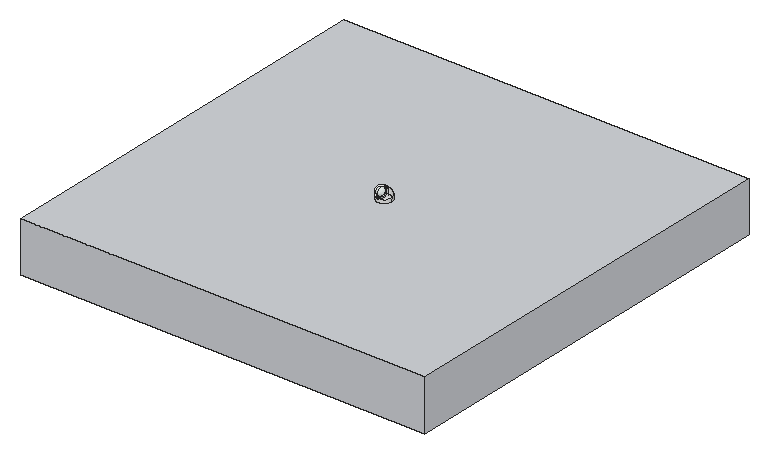
Revit family "Legrand_Gestion_eclairage_Detect_mvt_autonome_360D_Mur", category Dispositifs d'éclairage, Revit 2020
Family settings
  Hôte = Face
  Conserver l'orientation des annotations = Oui
  Cote de connecteur circulaire = Utiliser le diamètre
  Type d'élément = Normal
  Couper avec des vides une fois chargée = Non
  Partagée = Non
  Point de calcul de pièce = Non
Parameters
  Zone de detection [instance] = no
  URL = "http://www.legrandoc.com/048943"
  Télécommandable = "non"
  Type de tension = "AC"
  Tension nominale (V) = "230"
  Température (MIN) (°C) = -5
  Température (MAX) (°C) = 45
  Sensibilité réglable = "non"
  Sensibilité lumineuse réglable = "oui"
  Sensibilité lumineuse (MIN) (lx) = 5
  Sensibilité lumineuse (MAX) (lx) = 1275
  Réglage de lumière constante = "oui"
  Product ID = "048943"
  Numéro RAL = "9003"
  Mode de montage = "apparent"
  Indication distance [instance] = 8 mm
  Image du type = PH6-Mural.jpg
  Hauteur maxi de montage (m) = "2.5"
  Gestion alarme = "non"
  Gestion CVC = "non"
  Fréquence (MIN) (Hz) = 50
  Fréquence (MAX) (Hz) = 60
  Fonction variateur intégrée = "non"
  Fabricant = "LEGRAND"
  Exécution = "détecteur de mouvement"
  Etiquette [instance] = no
  Entrée secondaire = "non"
  Elévation par défaut = 2500 mm
  ETIM-5.0 Class = "EC000133"
  Durée d'enclenchement min (s) = "10"
  Durée d'enclenchement max (mn) = "10"
  Description = "DETECT DE MOUVEMENT PIR 360 DEGRES MUR PLAFOND IP55"
  Courant de démarrage max (A) = "4.3"
  Coupure forcée = "non"
  Couleur = "blanc"
  Condition Générale d'Utilisation = "https://export.legrand.com/CGU-objets-BIM"
  Code d'assemblage = "D5010200"
  Classe de protection (IP) = "IP55"
  Capacité de coupure max (W) = 1000
  Angle de détection horizontal (MIN) (°) = 0
  Angle de détection horizontal (MAX) (°) = 360
  Adapté pour transmission sans fil = "non"
Reference planes
  plane 1 "Centre (avant/arrière)": y = 0
  plane 2: z = 0
  plane 3 "Centre (gauche/droite)": x = 0
Forms (mm)
  Extrusion 1, solid
    sketch origin (0, 0, 0) x (1, 0, 0) y (0, 1, 0)
      loop
        line (-1219.2, 1219.2) -> (-1219.2, -1219.2) -> (1219.2, -1219.2) -> (1219.2, 1219.2) -> (-1219.2, 1219.2)
    from 0 to -304.8
Dimensions and locks
  aligned and locked: plane 2 to Extrusion 1
  aligned and locked: level to Extrusion 1
  aligned and locked: nested 1 to plane 2
Nested families
  nested 1: "048943 plaf" at (0, 0, 0), type "048943 plaf"
  nested 2: "Symbole D" at (0, 0, 0), type "Symbole D"
  nested 3: "Zone de detection 8mx8m- plan" at (0, 0, 0) x (0, 0, 1) z (0, -1, 0), visible <- "Zone de detection", type "Zone de detection 8mx8m- plan"
  nested 4: "Détection 140°" at (0, 191.176, 0), visible <- "Etiquette", Indication distance <- "Indication distance", type "Détection 140°"
    with Indication distance 8 mm
Connectors
  electrical at (0, 0, 0)
    settings: on nested 1, index 1, voltage 230 V, apparent load 0 VA, apparent load phase1 0 VA, apparent load phase2 0 VA, apparent load phase3 0 VA, power factor 1, load classification "Autre", number of poles 1, system type 31, power factor state 1, is connector primary yes, connector utility no, sub classification motor no, connector description ""
Definition of nested family "048943 plaf"
  Parameters (values of type "048943 plaf")
    Optique = none
    built-in parameter 1140140 [instance] = 1 (stored number, unit not read)
    Finition = none
    Default Elevation = 0 mm
    built-in parameter 1140142 [instance] = -1
    built-in parameter 1155100 [instance] = -1
  Reference planes
    plane 1 "Centre (avant/arrière)": y = 0
    plane 2: z = 0
    plane 3 "Centre (gauche/droite)": x = 0
  Forms (mm)
    SweptBlend 1, solid, material <- "Finition"
      path origin (0, -45.25, 0) x (0, 0, -1) y (0, 1, 0)
        loop
          arc (-20.345, 67.875) -> (-47.049, 62.401) -> (-69.446, 46.863) r 67.875
      profile origin (0, 22.625, 20.345) x (0, -1, 0) y (1, 0, 0)
        loop
          circle (22.625, 0) r 44.25
      end profile origin (0, 1.613, 69.446) x (0, -0.690434, -0.723395) y (1, 0, 0)
        loop
          spline (32.637, -33) -> (41.176, -31.876) -> (49.132, -28.579) -> (55.965, -23.335) -> (61.208, -16.5) -> (64.504, -8.541) -> (65.628, 0) -> (64.504, 8.541) -> (61.208, 16.5) -> (55.965, 23.335) -> (49.132, 28.579) -> (41.176, 31.876) -> (32.637, 33)
          spline (32.637, 33) -> (24.098, 31.876) -> (16.141, 28.579) -> (9.309, 23.335) -> (4.066, 16.5) -> (0.77, 8.541) -> (-0.354, 0) -> (0.77, -8.541) -> (4.066, -16.5) -> (9.309, -23.335) -> (16.141, -28.579) -> (24.098, -31.876) -> (32.637, -33)
    Extrusion 2, solid, material <- "Finition"
      sketch origin (0, -20.92, 45.836) x (0, 0.690434, 0.723395) y (-1, 0, 0)
        loop
          arc (0, -33) -> (32.991, 0) -> (0, 33) r 33
          arc (0, 33) -> (-32.991, 0) -> (0, -33) r 33
      from 0 to 10
    Revolve 3, solid, material <- "Optique"
      sketch origin (0, -45.25, 0) x (0, 0, -1) y (0, 1, 0)
        loop
          arc (-69.372, 32.969) -> (-71.978, 17.908) -> (-64.892, 4.364) r 23.816
          line (-64.892, 4.364) -> (-52.74, 17.096) -> (-69.372, 32.969)
        axis (-52.74, 17.096) -> (-64.892, 4.364)
      angle from 0 to 360
    Extrusion 4, solid, material <- "Finition"
      sketch origin (0, -45.25, 12.905) x (1, 0, 0) y (0, 1, 0)
        loop
          circle (0, 45.25) r 44.249
      from -12.905 to 7.44
  Dimensions and locks
    aligned and locked: level to plane 2
    aligned and locked: Revolve 3 to Extrusion 2
    aligned and locked: Extrusion 4 to level
    aligned and locked: Extrusion 4 to SweptBlend 1
Definition of nested family "Symbole D"
  Reference planes
    plane 1: y = 0
    plane 2: x = 0
  Lines and regions (mm)
    detail lines
      curve 1: spline (0.481, 2.356, 0) -> (0.429, 2.16, 0) -> (0.363, 1.989, 0) -> (0.285, 1.851, 0) -> (0.199, 1.748, 0) -> (0.106, 1.685, 0) -> (0.01, 1.664, 0) -> (-0.085, 1.685, 0) -> (-0.178, 1.748, 0) -> (-0.264, 1.851, 0) -> (-0.342, 1.989, 0) -> (-0.408, 2.16, 0) -> (-0.46, 2.356, 0)
      curve 2: arc (0.821, 3.072, 0) -> (-0.004, 3.293, 0) -> (-0.828, 3.072, 0) r 1.643
      curve 3: arc (-0.64, 2.774, 0) -> (0.004, 2.96, 0) -> (0.648, 2.774, 0) r 1.213
      curve 4: arc (-1.023, 3.436, 0) -> (0.005, 3.717, 0) -> (1.032, 3.436, 0) r 2.018
      curve 5: line (-1.042, 0.262, 0) -> (1.042, 0.262, 0)
      curve 6: arc (-0.945, 0.262, 0) -> (0, 1.008, 0) -> (0.945, 0.262, 0) r 0.972
      curve 7: line (-1.042, 0.262, 0) -> (-1.042, 0, 0)
      curve 8: line (-1.042, 0, 0) -> (1.042, 0, 0)
      curve 9: line (1.042, 0, 0) -> (1.042, 0.262, 0)
  Text (mm)
    text "IR" at (0.939, 0.64, 0)
  Dimensions and locks
    aligned and locked: plane 2 to curve 6
    aligned and locked: plane 1 to curve 8
Definition of nested family "Zone de detection 8mx8m- plan"
  Reference planes
    plane 1 "Centre (avant/arrière)": y = 0
    plane 2: z = 0
    plane 3 "Centre (gauche/droite)": x = 0
  Lines and regions (mm)
    detail lines, in view "Niveau de réf."
      curve 1: line (0, 0, 0) -> (721.302, 3710.78, 0)
      curve 2: arc (721.302, 3710.78, 0) -> (2441.116, 3995.524, 0) -> (4177.517, 3841.424, 0) r 6919.682
      curve 3: arc (4177.517, 3841.424, 0) -> (5129.358, 3552.591, 0) -> (6023.197, 3116.154, 0) r 6238.805
      curve 4: arc (7539.88, 1630.18, 0) -> (6874.01, 2467.549, 0) -> (6023.197, 3116.154, 0) r 4331.154
      curve 5: arc (7539.88, 1630.18, 0) -> (7881.502, 846.673, 0) -> (7998.686, 0, 0) r 3133.455
      curve 6: line (0, 0, 0) -> (721.302, -3710.78, 0)
      curve 7: arc (721.302, -3710.78, 0) -> (2441.116, -3995.524, 0) -> (4177.517, -3841.424, 0) r 6919.682
      curve 8: arc (4177.517, -3841.424, 0) -> (5129.358, -3552.591, 0) -> (6023.197, -3116.154, 0) r 6238.805
      curve 9: arc (7539.88, -1630.18, 0) -> (6874.01, -2467.549, 0) -> (6023.197, -3116.154, 0) r 4331.154
      curve 10: arc (7539.88, -1630.18, 0) -> (7881.502, -846.673, 0) -> (7998.686, 0, 0) r 3133.455
Definition of nested family "Détection 140°"
  Parameters (values of type "Détection 140°")
    Indication distance [instance] = 0 mm
  Reference planes
    plane 1: y = 0
    plane 2: x = 0
  Text (mm)
    label "Détection 140°,Indication distancem frontal à 2,5m haut" at (-0.885, 0.234, 0), shows "Indication distance"
